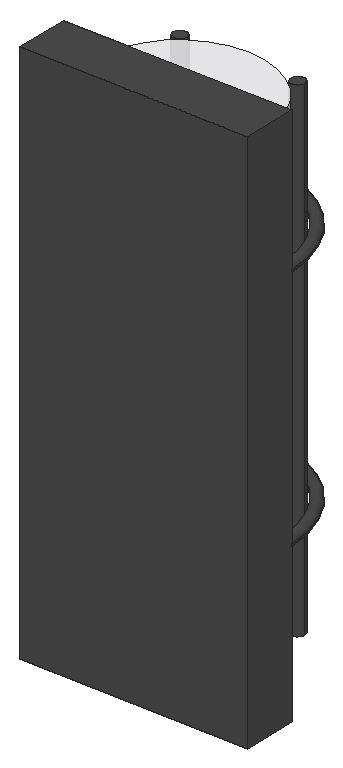
Revit family
Parameters (values of type "Biax 4-Pin 2 -  39W - 277V")
  Width = 0' - 8 3/8"
  Wet Location [instance] = yes
  Watts = 78 W
  Wattage = 38.373 W
  built-in parameter 1150110 = 1 (stored number, unit not read)
  Voltage = 277 V
  URL = "http://teronlighting.com/"
  built-in parameter 1114217 = 0.81 (stored number, unit not read)
  Tilt Angle = 0.00°
  built-in parameter 1150109 = 1 (stored number, unit not read)
  built-in parameter 1150134 = (empty or 0)
  built-in parameter 1150113 = 1 (stored number, unit not read)
  Requires Special Disposal = no
  Remote Battery [instance] = no
  Product Page URL = "http://teronlighting.com/royal-eb-vht/"
  Product Documentation URL = "http://teronlighting.com/wp-content/uploads/Royal-EB-VHT.pdf"
  Product = "Royal EB VHT"
  Point of Final Manufacture = "Fairfield, OH, USA"
  Photometric Web File = "generic.ies"
  Percentage Pre-Consumer = no
  Percentage Post-Consumer = no
  Number of Lamps = 2
  built-in parameter 1150142 = (empty or 0)
  Mounting Type = "4\" Junction Box"
  Model = "RL - EB - VHT - 139X"
  MasterFormat 2004 Title = "Exterior Lighting"
  MasterFormat 2004 Number = "26.56.00"
  Manufacturer Telephone = "01-513-858-6004"
  Manufacturer Email = "sales@teronlight.com"
  Manufacturer Address = "33 Donald Drive Fairfield, OH 45014"
  Manufacturer = "Teron Lighting"
  Lumens = 5700 lm
  built-in parameter 1150115 = 1 (stored number, unit not read)
  built-in parameter 1150105 = 453.59 (stored number, unit not read)
  built-in parameter 1150137 = (empty or 0)
  built-in parameter 1150139 = 0.81 (stored number, unit not read)
  Length = 1' - 8 1/8"
  built-in parameter 1150112 = 1 (stored number, unit not read)
  built-in parameter 1150114 = 1 (stored number, unit not read)
  Lamp Base = "4-Pin"
  Lamp = "2 - 39W Biax 4-Pin"
  Integral Battery [instance] = no
  built-in parameter 1150132 = 2
  built-in parameter 1150102 = (empty or 0)
  built-in parameter 1150138 = 4100 (stored number, unit not read)
  built-in parameter 1150107 = 4100 (stored number, unit not read)
  Industry Standards = "ETL, Buy America Act, Vandal Resistant"
  built-in parameter 1150106 = 4.5359 (stored number, unit not read)
  Fused [instance] = no
  Fixture Material = Paint - TLI - Textured Black
  Fixture = "Steel"
  Finish = "Textured Black"
  Emergency Light Fixture [instance] = no
  Electronic Ballast [instance] = yes
  built-in parameter 1150104 = 13.8 (stored number, unit not read)
  Distributor Locations = "USA, Canada, Puerto Rico"
  Dimming Lamp Color Temperature Shift = (empty or 0)
  Dimming Ballast [instance] = no
  Diffuser Material = Polycarbonate - TLI - Luminous White
  Diffuser = "Polycarbonate - Luminous White"
  Description = "Architectectural Outdoor"
  Depth = 0' - 6 1/8"
  Date Created = "8.1.2011"
  Created By = "RenderSpec  http://rederspec.com"
  Cost = 0
  Conditions of Use = "Elements are representations. Color and detail may differ from actual product. Information is for general use and should be reviewed by a Professional."
  Color Filter = 16777215
  built-in parameter 1114218 = 1 (stored number, unit not read)
  built-in parameter 1150133 = 10 (stored number, unit not read)
  Apparent Load = 78 VA
  Amps = Watts / Voltage / 1 A  # 0.28159
  ADA Compliant = no
Types (8): name | Watts | Wattage | Voltage | Model | Lumens | built-in parameter 1150105 | Lamp | built-in parameter 1150106 | Apparent Load | Amps
  QE 2 -  26W - 120V | 52 W | 24.2356 W | 120 V | "RL - EB - VHT - 226X" | 3600 lm | 286.48 (stored number, unit not read) | "2 - 26W QE" | 2.8648 (stored number, unit not read) | 52 VA | 0.43333
  QE 2 -  26W - 277V | 52 W | 24.2356 W | 277 V | "RL - EB - VHT - 226X" | 3600 lm | 286.48 (stored number, unit not read) | "2 - 26W QE" | 2.8648 (stored number, unit not read) | 52 VA | 0.18773
  TBX 2 -  32W - 120V | 64 W | 32.3141 W | 120 V | "RL - EB - VHT - 232X" | 4800 lm | 381.97 (stored number, unit not read) | "2 - 32W TBX" | 3.8197 (stored number, unit not read) | 64 VA | 0.53333
  TBX 2 -  32W - 277V | 64 W | 32.3141 W | 277 V | "RL - EB - VHT - 232X" | 4800 lm | 381.97 (stored number, unit not read) | "2 - 32W TBX" | 3.8197 (stored number, unit not read) | 64 VA | 0.23105
  Biax 4-Pin 2 -  27W - 120V | 54 W | 24.2356 W | 120 V | "RL - EB - VHT - 139X" | 3600 lm | 286.48 (stored number, unit not read) | "2 - 27W Biax 4-Pin" | 2.8648 (stored number, unit not read) | 54 VA | 0.45
  Biax 4-Pin 2 -  27W - 277V | 54 W | 24.2356 W | 277 V | "RL - EB - VHT - 139X" | 3600 lm | 286.48 (stored number, unit not read) | "2 - 27W Biax 4-Pin" | 2.8648 (stored number, unit not read) | 54 VA | 0.19495
  Biax 4-Pin 2 -  39W - 120V | 78 W | 38.373 W | 120 V | "RL - EB - VHT - 139X" | 5700 lm | 453.59 (stored number, unit not read) | "2 - 39W Biax 4-Pin" | 4.5359 (stored number, unit not read) | 78 VA | 0.65
  Biax 4-Pin 2 -  39W - 277V | 78 W | 38.373 W | 277 V | "RL - EB - VHT - 139X" | 5700 lm | 453.59 (stored number, unit not read) | "2 - 39W Biax 4-Pin" | 4.5359 (stored number, unit not read) | 78 VA | 0.28159
Reference planes (in)
  plane 1: y = 0
  plane 2 "Light Source Axis (L/R)": x = 4.92126
  plane 3 "Light Source Axis (F/R)": y = 4.95276
  plane 4 "Light Source Elevation": z = 60
  plane 5: y = 7.95276
  plane 6: y = 9.07776
  plane 7: z = 60.80364
  plane 8: y = 3.95276
  plane 9: z = 70.0625
  plane 10: z = 49.9375
  plane 11: z = 69.0625
  plane 12: z = 50.9375
  plane 13: x = 9.10876
  plane 14: x = 0.73376
Forms (in)
  Extrusion 1, solid, material "Paint - TLI - Textured Black" <- "Fixture Material"
    sketch origin (0, 0, 60) x (1, 0, 0) y (0, 1, 0)
      loop
        line (0.73376, 2.95276) -> (9.10876, 2.95276) -> (9.10876, 4.95276) -> (0.73376, 4.95276) -> (0.73376, 2.95276)
    from -10.0625 to 10.0625
  Sweep 2, solid, material "Paint - TLI - Textured Black" <- "Fixture Material"
    path origin (0, 0, 65.00364) x (1, 0, 0) y (0, 1, 0)
      loop
        arc (8.92126, 4.95276) -> (4.92126, 8.95276) -> (0.92126, 4.95276) r 4
    profile origin (4.92126, 8.95276, 65.00364) x (0, -1, 0) y (0, 0, 1)
      loop
        circle (0, -0.2) r 0.2
  Sweep 3, solid, material "Paint - TLI - Textured Black" <- "Fixture Material"
    path origin (0, 0, 56.00364) x (1, 0, 0) y (0, 1, 0)
      loop
        arc (8.92126, 4.95276) -> (4.92126, 8.95276) -> (0.92126, 4.95276) r 4
    profile origin (4.92126, 8.95276, 56.00364) x (0, -1, 0) y (0, 0, 1)
      loop
        circle (0, -0.2) r 0.2
  Extrusion 4, solid, material "Paint - TLI - Textured Black" <- "Fixture Material"
    sketch origin (0, 0, 60) x (1, 0, 0) y (0, 1, 0)
      loop
        circle (2.75722, 7.7615) r 0.25
      loop
        circle (7.0853, 7.7615) r 0.25
    from -9.0625 to 9.0625
  Extrusion 5, solid, material "Polycarbonate - TLI - Luminous White" <- "Diffuser Material"
    sketch origin (0, 0, 60) x (1, 0, 0) y (0, 1, 0)
      loop
        line (1.67126, 4.95276) -> (8.17126, 4.95276)
        arc (8.17126, 4.95276) -> (4.92126, 8.20276) -> (1.67126, 4.95276) r 3.25
    from 9.0625 to -9.0625
Text (in)
  text "Placement side" at (-70.3598, 43.96769, 0), in view "Ref. Level"
  text "Placement side" at (0, 83.08644, 117.56134), in view "Left"
  text "Placement side" at (0, 24.74324, 118.58137), in view "Right"
Dimensions and locks (in)
  Extrusion 1 to Extrusion 1 = 0' - 2"
  host wall to plane 5 = 0' - 5"
  host wall to plane 6 = 0' - 6 1/8"  (x2)
  imposter light to host wall = 0' - 2"
  equal spacing: plane 10, plane 4 "Light Source Elevation", plane 9
  "Length": plane 10 to plane 9
  "Width": plane 14 to plane 13
  "Depth": plane 6 to host wall
  aligned and locked: plane 1 to host wall
  aligned and locked: plane 2 "Light Source Axis (L/R)" to imposter light
  aligned and locked: plane 3 "Light Source Axis (F/R)" to imposter light
  aligned and locked: plane 4 "Light Source Elevation" to imposter light
  aligned and locked: plane 9 to Extrusion 1
  aligned and locked: Extrusion 1 to plane 10
  aligned and locked: Extrusion 5 to plane 12
  aligned and locked: plane 11 to Extrusion 5
  aligned and locked: nested 1 to host wall
Automatic sketch dimensions
  plane 3 "Light Source Axis (F/R)" to Extrusion 1 sketch curve = 0' - 0"
  Extrusion 1 sketch curve to host wall = 0' - 0"
  plane 3 "Light Source Axis (F/R)" to Sweep 2 sketch curve = 0' - 0"
  Sweep 2 sketch curve to plane 2 "Light Source Axis (L/R)" = 0' - 0"
  Sweep 2 sketch curve to profile plane = 0' - 0"
  Sweep 2 sketch curve to profile plane = 0' - 0.2"
  plane 3 "Light Source Axis (F/R)" to Sweep 3 sketch curve = 0' - 0"
  Sweep 3 sketch curve to plane 2 "Light Source Axis (L/R)" = 0' - 0"
  Sweep 3 sketch curve to profile plane = 0' - 0"
  Sweep 3 sketch curve to profile plane = 0' - 0.2"
  Extrusion 4 sketch curve to plane 5 = 0' - 0.19126"  (x2)
  plane 3 "Light Source Axis (F/R)" to Extrusion 5 sketch curve = 0' - 0"
  Extrusion 5 sketch curve to plane 2 "Light Source Axis (L/R)" = 0' - 0"
  Extrusion 1 sketch curve to plane 2 "Light Source Axis (L/R)" = 0' - 4 3/16"
  Sweep 2 sketch curve to plane 2 "Light Source Axis (L/R)" = 0' - 4"
  Sweep 3 sketch curve to plane 2 "Light Source Axis (L/R)" = 0' - 4"
  Extrusion 4 sketch curve to plane 2 "Light Source Axis (L/R)" = 0' - 2.16404"
  Extrusion 5 sketch curve to plane 2 "Light Source Axis (L/R)" = 0' - 3 1/4"
  plane 2 "Light Source Axis (L/R)" to Extrusion 1 sketch curve = 0' - 4 3/16"
  plane 2 "Light Source Axis (L/R)" to Extrusion 4 sketch curve = 0' - 2.16404"
  radius of Sweep 2 sketch curve = 0' - 0.2"
  radius of Sweep 3 sketch curve = 0' - 0.2"
  radius of Extrusion 4 sketch curve = 0' - 0 1/4"  (x2)
Nested families (in)
  nested 1: "Wall Mounted Light Fixture" at (4.92126, 2.95276, 0), Emergency Light Fixture <- "Emergency Light Fixture", type "Wall Mounted Light Fixture"
    with Emergency Light Fixture no
Connectors (in)
  electrical at (4.92126, 2.95276, 60), driven by "Voltage", driven by "Apparent Load"
    settings: on Extrusion 1, index 1, voltage 277 V, apparent load 78 VA, apparent load phase1 0 VA, apparent load phase2 0 VA, apparent load phase3 0 VA, power factor 1, load classification "Other", number of poles 1, system type 30, power factor state 1, is connector primary yes, connector utility no, sub classification motor no, connector description ""
Definition of nested family "Wall Mounted Light Fixture"
  Parameters (values of type "Wall Mounted Light Fixture")
    Emergency Light Fixture [instance] = no
  Reference planes (in)
    plane 1: y = 0
    plane 2: x = 0
  Lines and regions (in)
    detail lines, built-in parameter 1006310 <- "Emergency Light Fixture"
      curve 1: circle (0, 0.125, 0) r 0.0625 normal (0, 0, 1)
    detail lines
      curve 2: line (-0.0625, 0, 0) -> (0.0625, 0, 0)
      curve 3: line (0, 0, 0) -> (0, 0.0625, 0)
